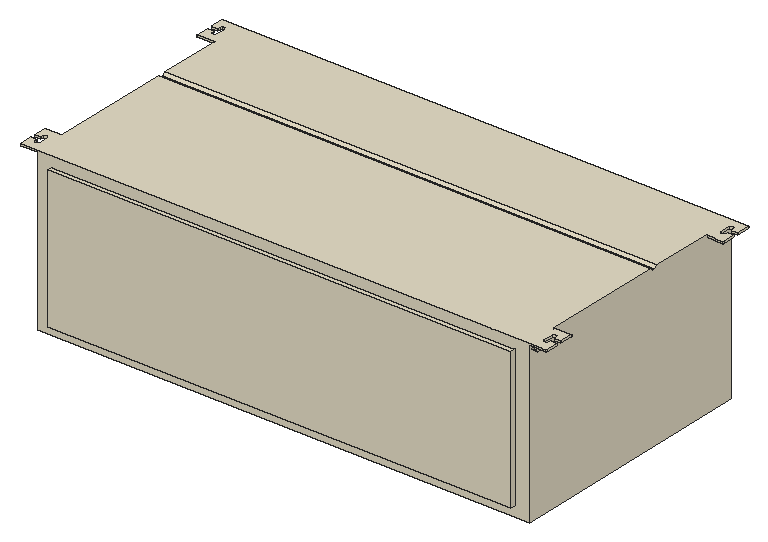
Revit family "TROSTEN BCU", category Mechanical Equipment, Revit 2020
Family settings
  Round Connector Dimension = Use Diameter
  Part Type = Normal
  OmniClass Number = 23.75.00.00
  OmniClass Title = Climate Control (HVAC)
  Work Plane-Based = No
  Always vertical = Yes
  Cut with Voids When Loaded = No
  Shared = No
  Room Calculation Point = No
Parameters (values of type "TFC H-190 4D DS A5")
  W = 1423.000 mm
  VOLTAGE = 220 V
  Type Mark = "FCU"
  Type Comments = "FCU"
  Tag Number [instance] = ""
  TOTAL COOLING = "10.93"
  SUPPLY AIR FLOW [instance] = 0.000 L/s
  SENSIBLE COOLING = "7.10"
  SA DUCT WIDTH = 1100.000 mm
  SA DUCT HEIGHT = 305.000 mm
  ROWS = "3"
  RETURN AIR FLOW [instance] = 0.000 L/s
  RA PLENUM WIDTH = 1340.000 mm
  RA PLENUM HEIGHT = 405.000 mm
  PH = "1"
  Model = "42TW-12 OR EQUAL"
  Manufacturer = "CARRIER"
  MIN FLOW = "100"
  MIN EWT(C) = "6.0"
  MAX WATER PD = "20"
  MAX LWT(C) = "12.0"
  L = 730.000 mm
  HZ = "60"
  HP = "-"
  HALF HEIGHT = H / 2  # 232.500 mm
  H = 465.000 mm
  FAN ESP = "50"
  Equipment Tag [instance] = "FCU"
  Description = "-"
  Default Elevation = 0.000 mm
  D = H + 50.000 mm  # 515.000 mm
  CHWS PIPE DIA [instance] = 25.000 mm
  CHWS FLOW [instance] = 0 GPM
  CHWR PIPE DIA [instance] = 25.000 mm
  CHWR FLOW [instance] = 0 GPM
  CD PIPE DIA [instance] = 25.000 mm
  CD FLOW = 0 GPM
Types (4, lengths in mm): name | W | SA DUCT WIDTH | SA DUCT HEIGHT | RA PLENUM WIDTH | RA PLENUM HEIGHT | L | HALF HEIGHT | H | D
  TFC H-140 4D CS A5 | 1385.000 | 1165.000 | 320.000 | 1000.000 | 255.000 | 680.000 | 179.500 | 359.000 | 409.000
  TFC H-190 4D CS A5 | 1421.000 | 1200.000 | 370.000 | 1100.000 | 255.000 | 718.000 | 205.000 | 410.000 | 460.000
  TFC H-240 4D CS A5 | 1575.000 | 1350.000 | 420.000 | 1100.000 | 305.000 | 718.000 | 230.500 | 461.000 | 511.000
  TFC H-190 4D DS A5 | 1423.000 | 1100.000 | 305.000 | 1340.000 | 405.000 | 730.000 | 232.500 | 465.000 | 515.000
Reference planes
  plane 1 "Center (Front/Back)": y = 0
  plane 2: z = 0
  plane 3 "Center (Left/Right)": x = 0
  plane 4: z = 232.5
Forms (mm)
  Extrusion 1, solid
    sketch origin (-320, 0, 0) x (0, 1, 0) y (0, 0, 1)
      loop
        line (365, 465) -> (96.25, 465) -> (89.179, 457.929) -> (81.254, 457.929) -> (74.183, 465) -> (-365, 465) -> (-365, 0) -> (365, 0) -> (365, 465)
    from -391.5 to 1031.5
  Extrusion 2, solid
    sketch origin (0, 460, 0) x (1, 0, 0) y (0, 0, 1)
      loop
        line (-550, 385) -> (-550, 80) -> (550, 80) -> (550, 385) -> (-550, 385)
    from 80 to 95
  Extrusion 3, solid
    sketch origin (0, 0, 0) x (1, 0, 0) y (0, 0, 1)
      loop
        line (670, 435) -> (-670, 435) -> (-670, 30) -> (670, 30) -> (670, 435)
    from 365 to 380
  Extrusion 4, solid
    sketch origin (0, 0, 0) x (0, 1, 0) y (0, 0, 1)
      loop
        line (340, 440) -> (205, 440) -> (205, 250) -> (340, 250) -> (340, 440)
    from -726.5 to -711.5
  Extrusion 5, solid
    sketch origin (0, 0, 0) x (0, 1, 0) y (0, 0, 1)
      loop
        circle (240, 390) r 12.5
    from -741.5 to -726.5
  Extrusion 6, solid
    sketch origin (0, 0, 0) x (0, 1, 0) y (0, 0, 1)
      loop
        circle (290, 300) r 12.5
    from -741.5 to -726.5
  Extrusion 7, solid
    sketch origin (0, 0, 0) x (0, 1, 0) y (0, 0, 1)
      loop
        circle (245, 37.5) r 12.5
    from -726.5 to -711.5
  Extrusion 8, solid
    sketch origin (0, 0, 0) x (0, 1, 0) y (0, 0, 1)
      loop
        circle (-350, 450) r 7
    from 711.5 to 726.5
  Extrusion 9, solid
    sketch origin (-320, 74.183, 460) x (0, -1, 0) y (1, 0, 0)
      loop
        line (439.183, -391.5) -> (349.183, -391.5) -> (349.183, -440.5)
        arc (349.183, -440.5) -> (349.476, -441.207) -> (350.183, -441.5) r 1
        line (350.183, -441.5) -> (386.683, -441.5)
        arc (386.683, -441.5) -> (387.39, -441.207) -> (387.683, -440.5) r 1
        line (387.683, -440.5) -> (387.683, -423.5)
        arc (387.683, -423.5) -> (387.39, -422.793) -> (386.683, -422.5) r 1
        line (386.683, -422.5) -> (380.683, -422.5)
        arc (380.683, -422.5) -> (374.183, -416) -> (380.683, -409.5) r 6.5
        line (380.683, -409.5) -> (407.683, -409.5)
        arc (407.683, -409.5) -> (414.183, -416) -> (407.683, -422.5) r 6.5
        line (407.683, -422.5) -> (401.683, -422.5)
        arc (401.683, -422.5) -> (400.976, -422.793) -> (400.683, -423.5) r 1
        line (400.683, -423.5) -> (400.683, -440.5)
        arc (400.683, -440.5) -> (400.976, -441.207) -> (401.683, -441.5) r 1
        line (401.683, -441.5) -> (438.183, -441.5)
        arc (438.183, -441.5) -> (438.89, -441.207) -> (439.183, -440.5) r 1
        line (439.183, -440.5) -> (439.183, -391.5)
      loop
        line (439.183, 1031.5) -> (439.183, 1080.5)
        arc (439.183, 1080.5) -> (438.89, 1081.207) -> (438.183, 1081.5) r 1
        line (438.183, 1081.5) -> (401.683, 1081.5)
        arc (401.683, 1081.5) -> (400.976, 1081.207) -> (400.683, 1080.5) r 1
        line (400.683, 1080.5) -> (400.683, 1063.5)
        arc (400.683, 1063.5) -> (400.976, 1062.793) -> (401.683, 1062.5) r 1
        line (401.683, 1062.5) -> (407.683, 1062.5)
        arc (407.683, 1062.5) -> (414.183, 1056) -> (407.683, 1049.5) r 6.5
        line (407.683, 1049.5) -> (380.683, 1049.5)
        arc (380.683, 1049.5) -> (374.183, 1056) -> (380.683, 1062.5) r 6.5
        line (380.683, 1062.5) -> (386.683, 1062.5)
        arc (386.683, 1062.5) -> (387.39, 1062.793) -> (387.683, 1063.5) r 1
        line (387.683, 1063.5) -> (387.683, 1080.5)
        arc (387.683, 1080.5) -> (387.39, 1081.207) -> (386.683, 1081.5) r 1
        line (386.683, 1081.5) -> (350.183, 1081.5)
        arc (350.183, 1081.5) -> (349.476, 1081.207) -> (349.183, 1080.5) r 1
        line (349.183, 1080.5) -> (349.183, 1031.5) -> (439.183, 1031.5)
      loop
        line (-200.817, -391.5) -> (-290.817, -391.5) -> (-290.817, -440.5)
        arc (-290.817, -440.5) -> (-290.524, -441.207) -> (-289.817, -441.5) r 1
        line (-289.817, -441.5) -> (-253.317, -441.5)
        arc (-253.317, -441.5) -> (-252.61, -441.207) -> (-252.317, -440.5) r 1
        line (-252.317, -440.5) -> (-252.317, -423.5)
        arc (-252.317, -423.5) -> (-252.61, -422.793) -> (-253.317, -422.5) r 1
        line (-253.317, -422.5) -> (-259.317, -422.5)
        arc (-259.317, -422.5) -> (-265.817, -416) -> (-259.317, -409.5) r 6.5
        line (-259.317, -409.5) -> (-232.317, -409.5)
        arc (-232.317, -409.5) -> (-225.817, -416) -> (-232.317, -422.5) r 6.5
        line (-232.317, -422.5) -> (-238.317, -422.5)
        arc (-238.317, -422.5) -> (-239.024, -422.793) -> (-239.317, -423.5) r 1
        line (-239.317, -423.5) -> (-239.317, -440.5)
        arc (-239.317, -440.5) -> (-239.024, -441.207) -> (-238.317, -441.5) r 1
        line (-238.317, -441.5) -> (-201.817, -441.5)
        arc (-201.817, -441.5) -> (-201.11, -441.207) -> (-200.817, -440.5) r 1
        line (-200.817, -440.5) -> (-200.817, -391.5)
      loop
        line (-200.817, 1031.5) -> (-200.817, 1080.5)
        arc (-200.817, 1080.5) -> (-201.11, 1081.207) -> (-201.817, 1081.5) r 1
        line (-201.817, 1081.5) -> (-238.317, 1081.5)
        arc (-238.317, 1081.5) -> (-239.024, 1081.207) -> (-239.317, 1080.5) r 1
        line (-239.317, 1080.5) -> (-239.317, 1063.5)
        arc (-239.317, 1063.5) -> (-239.024, 1062.793) -> (-238.317, 1062.5) r 1
        line (-238.317, 1062.5) -> (-232.317, 1062.5)
        arc (-232.317, 1062.5) -> (-225.817, 1056) -> (-232.317, 1049.5) r 6.5
        line (-232.317, 1049.5) -> (-259.317, 1049.5)
        arc (-259.317, 1049.5) -> (-265.817, 1056) -> (-259.317, 1062.5) r 6.5
        line (-259.317, 1062.5) -> (-253.317, 1062.5)
        arc (-253.317, 1062.5) -> (-252.61, 1062.793) -> (-252.317, 1063.5) r 1
        line (-252.317, 1063.5) -> (-252.317, 1080.5)
        arc (-252.317, 1080.5) -> (-252.61, 1081.207) -> (-253.317, 1081.5) r 1
        line (-253.317, 1081.5) -> (-289.817, 1081.5)
        arc (-289.817, 1081.5) -> (-290.524, 1081.207) -> (-290.817, 1080.5) r 1
        line (-290.817, 1080.5) -> (-290.817, 1031.5) -> (-200.817, 1031.5)
    from 0 to 5
Cuts and joins
  joined: Extrusion 1, Extrusion 9
Lines and regions (mm)
  symbolic lines
    curve 1: line (-670, -365, 0) -> (670, -365, 0)
    curve 2: line (-670, -380, 0) -> (-670, -365, 0)
    curve 4: line (670, -365, 0) -> (670, -380, 0)
    curve 6: line (-550, 365, 0) -> (-550, 380, 0)
    curve 7: line (550, 365, 0) -> (-550, 365, 0)
    curve 8: line (550, 380, 0) -> (550, 365, 0)
  symbolic lines, style "Thin Lines"
    curve 3: line (670, -380, 0) -> (-670, -380, 0)
    curve 5: line (-550, 380, 0) -> (550, 380, 0)
Dimensions and locks
  "HALF HEIGHT": plane 4 to level
  Extrusion 1 sketch curve to Extrusion 1 sketch curve = 730.000 mm
  Extrusion 1 sketch curve to Extrusion 1 sketch curve = 465.000 mm
  "L": Extrusion 1 sketch curve to Extrusion 1 sketch curve
  "H": Extrusion 1 sketch curve to Extrusion 1 sketch curve
  "W": Extrusion 1 to Extrusion 1
  Extrusion 2 sketch curve to Extrusion 2 sketch curve = 1100.000 mm  (x2)
  Extrusion 2 sketch curve to Extrusion 2 sketch curve = 305.000 mm
  equal spacing: Extrusion 2, plane 1 "Center (Front/Back)", Extrusion 1 sketch curve
  locked: Extrusion 2 to Extrusion 2 at 15
  "SA DUCT HEIGHT": Extrusion 2 to Extrusion 2
  "SA DUCT WIDTH": Extrusion 2 to Extrusion 2
  equal spacing: Extrusion 2 sketch curve, plane 3 "Center (Left/Right)", Extrusion 2 sketch curve
  equal spacing: Extrusion 3 sketch curve, plane 3 "Center (Left/Right)", Extrusion 3 sketch curve
  equal spacing: Extrusion 3 sketch curve, plane 4, Extrusion 3 sketch curve
  "RA PLENUM WIDTH": Extrusion 3 sketch curve to Extrusion 3 sketch curve
  "RA PLENUM HEIGHT": Extrusion 3 sketch curve to Extrusion 3 sketch curve
  locked: Extrusion 3 to Extrusion 3 at 15
  locked: Extrusion 4 sketch curve to Extrusion 4 sketch curve at 135
  locked: Extrusion 1 to Extrusion 4 sketch curve at 25
  locked: Extrusion 4 sketch curve to Extrusion 1 at 25
  locked: Extrusion 4 sketch curve to Extrusion 4 sketch curve at 190
  locked: Extrusion 4 to Extrusion 4 at 15
  locked: Extrusion 4 to Extrusion 5 sketch curve at 50
  locked: Extrusion 4 to Extrusion 5 sketch curve at 100
  locked: Extrusion 5 to Extrusion 5 at 15
  locked: Extrusion 4 to Extrusion 6 sketch curve at 50  (x2)
  locked: Extrusion 6 to Extrusion 6 at 15
  locked: Extrusion 1 to Extrusion 7 sketch curve at 120
  locked: Extrusion 7 to Extrusion 7 at 15
  locked: Extrusion 1 to Extrusion 8 sketch curve at 15
  locked: Extrusion 8 sketch curve to Extrusion 1 at 15
  locked: Extrusion 8 to Extrusion 8 at 15
  equal spacing: Extrusion 1, plane 3 "Center (Left/Right)", Extrusion 1
  locked: Extrusion 1 to level
  locked: Extrusion 7 sketch curve to plane 2 at 50
  equal spacing: Extrusion 2 sketch curve, plane 4, Extrusion 2 sketch curve
  locked: Extrusion 1 to Extrusion 9 sketch curve at 50  (x2)
  locked: Extrusion 1 to Extrusion 9 sketch curve at 18
  Extrusion 9 sketch curve to Extrusion 9 sketch curve to Extrusion 9 sketch curve to Extrusion 9 sketch curve to Extrusion 9 sketch curve to Extrusion 9 sketch curve = 25.000 mm locked, 13.500 mm locked, 13.000 mm locked, 13.500 mm locked, 25.000 mm locked
  Extrusion 1 to Extrusion 9 sketch curve to Extrusion 9 sketch curve to Extrusion 9 sketch curve to Extrusion 9 sketch curve to Extrusion 9 sketch curve = 25.000 mm locked, 13.500 mm locked, 13.000 mm locked, 13.500 mm locked, 25.000 mm locked  (x3)
  Extrusion 9 sketch curve to Extrusion 9 sketch curve to Extrusion 9 sketch curve to Extrusion 1 = 19.000 mm locked, 13.000 mm locked, 18.000 mm locked  (x2)
  Extrusion 1 to Extrusion 9 sketch curve to Extrusion 9 sketch curve to Extrusion 9 sketch curve = 18.000 mm locked, 13.000 mm locked, 19.000 mm locked
  locked: cut or joined group of Extrusion 1, Extrusion 9 to cut or joined group of Extrusion 1, Extrusion 9 at 5
  cut or joined group of Extrusion 1, Extrusion 9 to cut or joined group of Extrusion 1, Extrusion 9 = 1523.000 mm  (x2)
  "CHWS PIPE DIA": diameter of Extrusion 6 sketch curve
  "CHWR PIPE DIA": diameter of Extrusion 5 sketch curve
  "CD PIPE DIA": diameter of Extrusion 7 sketch curve
  aligned and locked: level to plane 2
  aligned and locked: Extrusion 2 to Extrusion 1
  aligned and locked: Extrusion 3 to Extrusion 1
  aligned and locked: Extrusion 4 to Extrusion 1
  aligned and locked: Extrusion 5 to Extrusion 4
  aligned and locked: Extrusion 6 to Extrusion 4
  aligned and locked: Extrusion 7 to Extrusion 1
  aligned and locked: Extrusion 8 to Extrusion 1
  aligned and locked: Extrusion 1 sketch curve to Extrusion 1 sketch curve
  aligned and locked: curve 1 to Extrusion 3
  aligned and locked: curve 2 to Extrusion 3
  aligned and locked: curve 3 to Extrusion 3
  aligned and locked: curve 4 to Extrusion 3
  aligned and locked: curve 5 to Extrusion 2
  aligned and locked: curve 6 to Extrusion 2
  aligned and locked: curve 7 to Extrusion 2
  aligned and locked: curve 8 to Extrusion 2
  aligned and locked: Extrusion 9 sketch curve to Extrusion 1  (x6)
  aligned and locked: Extrusion 9 sketch curve to Extrusion 9 sketch curve  (x2)
  aligned and locked: Extrusion 1 to Extrusion 9 sketch curve  (x2)
  aligned and locked: Extrusion 9 to Extrusion 1
Automatic sketch dimensions
  Extrusion 9 sketch curve to Extrusion 9 sketch curve = 1.000 mm  (x23)
  Extrusion 9 sketch curve to Extrusion 9 sketch curve = 6.000 mm  (x4)
  Extrusion 9 sketch curve to Extrusion 9 sketch curve = 7.000 mm
  Extrusion 9 sketch curve to Extrusion 9 sketch curve = 18.000 mm
  Extrusion 9 sketch curve to Extrusion 9 sketch curve = 0.000 mm
  Extrusion 1 sketch curve to level = 0.000 mm
  Extrusion 1 sketch curve to plane 1 "Center (Front/Back)" = 74.183 mm
  Extrusion 1 sketch curve to Extrusion 1 sketch curve = 7.071 mm  (x3)
  Extrusion 1 sketch curve to Extrusion 1 sketch curve = 7.925 mm
  radius of Extrusion 8 sketch curve = 7.000 mm
Connectors
  hvac at (0, 380, 232.5), driven by "SA DUCT HEIGHT", driven by "SA DUCT WIDTH", driven by "SUPPLY AIR FLOW"
    settings: on Extrusion 2, index 1, duct flow 0.000 L/s, flow factor 0, pres drop 0.00 in-wg, loss coef 0, conn angle 0.00°, conn width 43.30709", conn height 12.00787", conn diameter 24", duct sys type 1, conn prof type 1, flow config 0, flow direction 2, loss method 0, conn ref index 2, conn util no, is conn primary yes, conn desc ""
  hvac at (0, -380, 232.5), driven by "RA PLENUM HEIGHT", driven by "RA PLENUM WIDTH", driven by "RETURN AIR FLOW"
    settings: on Extrusion 3, index 2, duct flow 0.000 L/s, flow factor 0, pres drop 0.00 in-wg, loss coef 0, conn angle 0.00°, conn width 52.75591", conn height 15.94488", conn diameter 24", duct sys type 2, conn prof type 1, flow config 0, flow direction 1, loss method 0, conn ref index 1, conn util no, is conn primary no, conn desc ""
  piping at (-741.5, 240, 390), diameter 25, driven by "CHWR PIPE DIA", driven by "CHWR FLOW"
    settings: on Extrusion 5, index 3, connector inside diameter 24", connector length 0.000 mm, flow factor 0, pipe flow 0 GPM, pressure drop 0.00 psi, fitting loss kfactor 0, connector angle 0.00°, fixture units 0, engagement length 0.000 mm, angle of deflection 0.00°, flow configuration 1, flow direction 2, fitting loss method 4, system type 8, joint type 0, gender type 0, connector reference index 4, connector utility 0, adjustable connector no, is connector primary no, connector description ""
  piping at (-741.5, 290, 300), diameter 25, driven by "CHWS PIPE DIA", driven by "CHWS FLOW"
    settings: on Extrusion 6, index 4, connector inside diameter 24", connector length 0.000 mm, flow factor 0, pipe flow 0 GPM, pressure drop 0.00 psi, fitting loss kfactor 0, connector angle 0.00°, fixture units 0, engagement length 0.000 mm, angle of deflection 0.00°, flow configuration 1, flow direction 2, fitting loss method 4, system type 7, joint type 0, gender type 0, connector reference index 3, connector utility 0, adjustable connector no, is connector primary yes, connector description ""
  piping at (-726.5, 245, 37.5), diameter 25, driven by "CD PIPE DIA", driven by "CD FLOW"
    settings: on Extrusion 7, index 5, connector inside diameter 24", connector length 0.000 mm, flow factor 0, pipe flow 0 GPM, pressure drop 0.00 psi, fitting loss kfactor 0, connector angle 0.00°, fixture units 0, engagement length 0.000 mm, angle of deflection 0.00°, flow configuration 1, flow direction 2, fitting loss method 4, system type 29, joint type 0, gender type 0, connector reference index -1, connector utility 0, adjustable connector no, is connector primary no, connector description ""
  electrical at (726.5, -350, 450), driven by "VOLTAGE"
    settings: on Extrusion 8, index 6, voltage 220 V, apparent load 0 VA, apparent load phase1 0 VA, apparent load phase2 0 VA, apparent load phase3 0 VA, power factor 1, load classification "Other", number of poles 1, system type 30, power factor state 1, is connector primary yes, connector utility no, sub classification motor no, connector description ""
